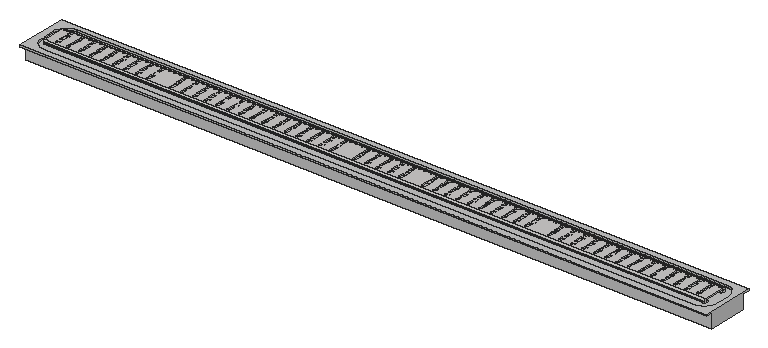
Revit family "Drain-Linear_Wave_Noble_FreeStyle", category Plumbing Fixtures, host Face, Revit 2016
Family settings
  Host = Face
  Part Type = Normal
  Round Connector Dimension = Use Diameter
  OmniClass Number = 23.45.55.21
  OmniClass Title = Drains (Wastes)
  Cut with Voids When Loaded = No
  Shared = No
  Room Calculation Point = No
Parameters (values of type "60in PVC")
  Weight = "10 lbs"
  URL = "www.noblecompany.com"
  Type Comments = ""
  Product Properties = "http://www.noblecompany.com/Portals/0/PRODUCT%20INFO/Product%20Descriptions/FreeStyle%20Linear%20Drain%20Product%20Decription%200410.pdf"
  Product Data = "http://www.noblecompany.com/Products/ShowerProducts/tabid/59/Default.aspx"
  Plate = Stainless Steel - Brushed
  Model = "Freestyle 60 PVC - Wave"
  Manufacturer Phone - Toll Free = "800-878-5788"
  Manufacturer Phone = "231-799-8000"
  Manufacturer Fax = "231-799-8850"
  Manufacturer Email = "mailto:sales@noblecompany.com"
  Manufacturer Address = "7300 Enterprise Drive, Spring Lake, MI  49456 USA"
  Manufacturer = "Noble Company"
  Installation-Fabrication = "http://www.noblecompany.com/Portals/0/PRODUCT%20INFO/Product%20Descriptions/FreeStyle%20Linear%20Drain%20Product%20Decription%200410.pdf"
  GPM = 0 GPM
  Description = "Freestyle 60 PVC - Wave Linear Drain"
  Building Codes = "http://www.noblecompany.com/Portals/0/TECHNICAL%20INFO/Listing_Testing_Certification_Reports/PMG-1065%20Noble%20Company%20Linear%20Drain%20final%202.pdf"
  Base = PVC
  B = 57 3/4"
  Assembly Code = "D2030300"
  A = 60"
  Default Elevation = 0"
  D = 1 5/8"
  C = 33 3/4"
Types (14): name | Model | Description | Base | B | A | D | C
  24in ABS | "Freestyle 24 ABS - Wave" | "Freestyle 24 ABS - Wave Linear Drain" | ABS | 21 3/4" | 24" | 1 1/4" | 15 3/4"
  32in ABS | "Freestyle 32 ABS - Wave" | "Freestyle 32 ABS - Wave Linear Drain" | ABS | 29 3/4" | 32" | 1 3/8" | 19 1/2"
  36in ABS | "Freestyle 36 ABS - Wave" | "Freestyle 36 ABS - Wave Linear Drain" | ABS | 33 3/4" | 36" | 1 3/8" | 21 3/4"
  40in ABS | "Freestyle 40 ABS - Wave" | "Freestyle 40 ABS - Wave Linear Drain" | ABS | 37 3/4" | 40" | 1 7/16" | 23 3/4"
  48in ABS | "Freestyle 48 ABS - Wave" | "Freestyle 48 ABS - Wave Linear Drain" | ABS | 45 3/4" | 48" | 1 1/2" | 27 3/4"
  54in ABS | "Freestyle 54 ABS - Wave" | "Freestyle 54 ABS - Wave Linear Drain" | ABS | 51 3/4" | 54" | 1 9/16" | 30 3/4"
  60in ABS | "Freestyle 60 ABS - Wave" | "Freestyle 60 ABS - Wave Linear Drain" | ABS | 57 3/4" | 60" | 1 5/8" | 33 3/4"
  24in PVC | "Freestyle 24 PVC - Wave" | "Freestyle 24 PVC - Wave Linear Drain" | PVC | 21 3/4" | 24" | 1 1/4" | 15 3/4"
  32in PVC | "Freestyle 32 PVC - Wave" | "Freestyle 32 PVC - Wave Linear Drain" | PVC | 29 3/4" | 32" | 1 3/8" | 19 1/2"
  36in PVC | "Freestyle 36 PVC - Wave" | "Freestyle 36 PVC - Wave Linear Drain" | PVC | 33 3/4" | 36" | 1 3/8" | 21 3/4"
  40in PVC | "Freestyle 40 PVC - Wave" | "Freestyle 40 PVC - Wave Linear Drain" | PVC | 37 3/4" | 40" | 1 7/16" | 23 3/4"
  48in PVC | "Freestyle 48 PVC - Wave" | "Freestyle 48 PVC - Wave Linear Drain" | PVC | 45 3/4" | 48" | 1 1/2" | 27 3/4"
  54in PVC | "Freestyle 54 PVC - Wave" | "Freestyle 54 PVC - Wave Linear Drain" | PVC | 51 3/4" | 54" | 1 9/16" | 30 3/4"
  60in PVC | "Freestyle 60 PVC - Wave" | "Freestyle 60 PVC - Wave Linear Drain" | PVC | 57 3/4" | 60" | 1 5/8" | 33 3/4"
Reference planes (in)
  plane 1 "Center (Front/Back)": y = 0
  plane 2: z = 0
  plane 3 "Center (Left/Right)": x = 0
  plane 4: z = -1.625
  plane 5: z = -4.05899
  plane 6: z = -1.625
  plane 7: y = 1.6875
  plane 8: y = -1.6875
  plane 9: z = -0.375
  plane 10: y = 2.25
  plane 11: y = -2.25
  plane 12: z = -0.3125
  plane 13: x = 30
  plane 14: x = -30
  plane 15: x = 28.875
  plane 16: x = -3.75
  plane 17: x = -28.875
  plane 18: z = -0.125
Forms (in)
  Extrusion 1, void, detail levels medium+fine
    sketch origin (0, 0, 0) x (1, 0, 0) y (0, 1, 0)
      loop
        circle (-3.75, 0) r 1
    from -60 to 34.55449
  Extrusion 2, solid, material "PVC" <- "Base", detail levels medium+fine
    sketch origin (10.05986, 0, 0) x (0, 1, 0) y (0, 0, 1)
      loop
        line (2.25, -0.375) -> (2.25, -0.25) -> (-2.25, -0.25) -> (-2.25, -0.375) -> (-1.6875, -0.375) -> (-1.6875, -1.625) -> (1.6875, -1.625) -> (1.6875, -0.375) -> (2.25, -0.375)
    from -40.05986 to 19.94014
  Extrusion 3, void
    sketch origin (10.05986, 0, 0) x (1, 0, 0) y (0, 1, 0)
      loop
        arc (-38.37906, 1.769) -> (-39.18512, 1.43512) -> (-39.519, 0.62906) r 1.13994
        line (-39.519, 0.62906) -> (-39.519, -0.63005)
        arc (-39.519, -0.63005) -> (-39.18541, -1.43541) -> (-38.38005, -1.769) r 1.13895
        line (-38.38005, -1.769) -> (18.37931, -1.769)
        arc (18.37931, -1.769) -> (19.18519, -1.43519) -> (19.519, -0.62931) r 1.13969
        line (19.519, -0.62931) -> (19.519, 0.62118)
        arc (19.519, 0.62118) -> (19.18281, 1.43281) -> (18.37118, 1.769) r 1.14782
        line (18.37118, 1.769) -> (-38.37906, 1.769)
    from -0.375 to 0
  Extrusion 4, void
    sketch origin (0, 0, 0) x (1, 0, 0) y (0, 1, 0)
      loop
        line (29, 1.269) -> (-29, 1.269) -> (-29, -1.269) -> (29, -1.269) -> (29, 1.269)
    from -0.125 to 0
  Extrusion 5, void, detail levels fine
    sketch origin (0, 0, 0) x (0, 1, 0) y (0, 0, 1)
      loop
        line (2.25, -0.375) -> (2.25, -0.125) -> (-2.25, -0.125) -> (-2.25, -0.375) -> (-1.6875, -0.375) -> (-1.6875, -1.625) -> (1.6875, -1.625) -> (1.6875, -0.375) -> (2.25, -0.375)
    from -30 to 30
Cuts and joins
  Extrusion 1, Extrusion 3 cuts Extrusion 2
Lines and regions (in)
  model lines, detail levels coarse+medium
    curve 1: line (-3.75, 0, 0) -> (-3.75, 0, -1.625)
  model lines, style "PlumbingFixtures", detail levels coarse
    curve 2: line (-30, 2.25, 0) -> (-30, -2.25, 0)
    curve 3: line (-30, 2.25, 0) -> (30, 2.25, 0)
    curve 4: line (30, 2.25, 0) -> (30, -2.25, 0)
    curve 5: line (-30, -2.25, 0) -> (30, -2.25, 0)
    curve 6: line (30, 0, 0) -> (-30, 0, 0)
Dimensions and locks (in)
  "D": plane 2 to plane 4
  locked: plane 4 to plane 5 at 2.43399
  "D": plane 6 to level
  equal spacing: plane 7, plane 1 "Center (Front/Back)", plane 8, locked at 1.6875 each
  locked: plane 9 to level at 0.375
  plane 7 to plane 8 = 3 3/8"
  locked: plane 10 to plane 7 at 0.5625
  locked: plane 8 to plane 11 at 0.5625
  "A": plane 14 to plane 13
  locked: plane 15 to plane 13 at 1.125
  "C": plane 16 to plane 13
  locked: plane 14 to plane 17 at 1.125
  locked: Extrusion 3 sketch curve to plane 13 at 0.42114
  locked: plane 14 to Extrusion 3 sketch curve at 0.54086
  equal spacing: plane 14, plane 3 "Center (Left/Right)", plane 13
  locked: plane 9 to plane 12 at 0.0625
  locked: level to plane 18 at 0.125
  level to Extrusion 2 sketch curve = 1/4"
  locked: plane 15 to Extrusion 4 sketch curve at 0.125
  locked: Extrusion 4 sketch curve to plane 17 at 0.125
  radius of Extrusion 1 sketch curve = 1"
  aligned and locked: plane 2 to host face
  aligned and locked: level to host face
  aligned and locked: plane 1 "Center (Front/Back)" to Extrusion 1 sketch curve
  aligned and locked: plane 13 to Extrusion 2
  aligned and locked: plane 16 to Extrusion 1 sketch curve
  aligned and locked: plane 10 to Extrusion 5 sketch curve
  aligned and locked: plane 9 to Extrusion 5 sketch curve
  aligned and locked: plane 7 to Extrusion 5 sketch curve
  aligned and locked: plane 4 to Extrusion 5 sketch curve
  aligned and locked: plane 11 to Extrusion 5 sketch curve
  aligned and locked: Extrusion 5 sketch curve to plane 8
  aligned and locked: Extrusion 5 to plane 14
  aligned and locked: plane 13 to Extrusion 5
  aligned and locked: curve 6 to plane 1 "Center (Front/Back)"
  aligned and locked: plane 14 to curve 6
  aligned and locked: plane 13 to curve 6
  aligned and locked: curve 1 to plane 16
  aligned and locked: level to curve 1
  aligned and locked: plane 6 to curve 1
  aligned and locked: Extrusion 2 to plane 14
  aligned and locked: plane 3 "Center (Left/Right)" to nested 1
  aligned and locked: plane 1 "Center (Front/Back)" to nested 1
  aligned and locked: plane 12 to nested 1
  aligned and locked: plane 9 to Extrusion 3
  aligned and locked: Extrusion 4 to plane 18
  aligned and locked: level to Extrusion 4
Automatic sketch dimensions
  host sketch curve to host sketch curve = 48 1/4"
  host sketch curve to host sketch curve = 96"
  plane 9 to Extrusion 2 sketch curve = 0"  (x2)
  Extrusion 2 sketch curve to plane 11 = 0"
  Extrusion 2 sketch curve to plane 4 = 0"
  Extrusion 2 sketch curve to plane 8 = 0"
  Extrusion 2 sketch curve to plane 7 = 0"
  Extrusion 2 sketch curve to plane 10 = 0"
  Extrusion 3 sketch curve to plane 8 = 0.0815"
  plane 17 to Extrusion 3 sketch curve = 0.55481"
  Extrusion 3 sketch curve to plane 7 = 0.0815"
  plane 17 to Extrusion 3 sketch curve = 0.5558"
  Extrusion 3 sketch curve to plane 15 = 0.44396"
  Extrusion 3 sketch curve to plane 15 = 0.43583"
  curve 2 to plane 10 = 0"
  curve 5 to plane 11 = 0"
  plane 9 to Extrusion 5 sketch curve = 0"
  Extrusion 5 sketch curve to plane 18 = 0"
  plane 8 to Extrusion 4 sketch curve = 0.4185"
  plane 7 to Extrusion 4 sketch curve = 0.4185"
Nested families (in)
  nested 1: "Strainer_Wave" at (-12.24848, 0, -0.3125), type "24"", detail levels fine
    with Strainer Length 57 3/4"
Connectors (in)
  piping at (-3.75, 0, -1.625), diameter 2, driven by "GPM"
    settings: on cut or joined group of Extrusion 1, Extrusion 2, Extrusion 3, index 1, connector inside diameter 2", connector length 0", flow factor 0, pipe flow 0 GPM, pressure drop 0.00 psi, fitting loss kfactor 0, connector angle 0.00°, fixture units 0, engagement length 0", angle of deflection 0.00°, flow configuration 0, flow direction 2, fitting loss method 0, system type 16, joint type 0, gender type 0, connector reference index -1, connector utility 0, adjustable connector no, is connector primary yes, connector description ""
Definition of nested family "Strainer_Wave"
  Parameters
    Strainer Width = 2 1/4"
    Strainer Height = 5/16"
    Strainer Length = 45 3/4"
    Strainer Finish = none
  Reference planes (in)
    plane 1 "Center (Front/Back)": y = 0
    plane 2: z = 0
    plane 3 "Center (Left/Right)": x = 12.24848
    plane 4 "Left": x = -10.62652
    plane 5 "Right": x = 35.12348
    plane 6: y = 1.125
    plane 7: y = -1.125
    plane 8: x = 42.24848
    plane 9: x = -17.75152
    plane 10: z = 0.3125
  Forms (in)
    Extrusion 1, void
      sketch origin (12.24848, 0, 0) x (0, 1, 0) y (0, 0, 1)
        loop
          line (1.1245, 0.3125) -> (0.9995, 0.3125)
          arc (0.9995, 0.3125) -> (1.08789, 0.27589) -> (1.1245, 0.1875) r 0.125
          line (1.1245, 0.1875) -> (1.1245, 0.3125)
        loop
          line (-1.1245, 0.3125) -> (-1.1245, 0.1875)
          arc (-1.1245, 0.1875) -> (-1.08789, 0.27589) -> (-0.9995, 0.3125) r 0.125
          line (-0.9995, 0.3125) -> (-1.1245, 0.3125)
        loop
          line (1.1245, 0) -> (1.1245, 0.125)
          arc (1.1245, 0.125) -> (1.08789, 0.03661) -> (0.9995, 0) r 0.125
          line (0.9995, 0) -> (1.1245, 0)
        loop
          line (-1.1245, 0) -> (-0.9995, 0)
          arc (-0.9995, 0) -> (-1.08789, 0.03661) -> (-1.1245, 0.125) r 0.125
          line (-1.1245, 0.125) -> (-1.1245, 0)
        loop
          line (-0.75, 0) -> (0.75, 0) -> (0.75, 0.0625) -> (0.9995, 0.0625)
          arc (0.9995, 0.0625) -> (1.06302, 0.15625) -> (0.9995, 0.25) r 0.10095
          line (0.9995, 0.25) -> (-0.9995, 0.25)
          arc (-0.9995, 0.25) -> (-1.06302, 0.15625) -> (-0.9995, 0.0625) r 0.10095
          line (-0.9995, 0.0625) -> (-0.75, 0.0625) -> (-0.75, 0)
      from -30 to 30
    Extrusion 2, void
      sketch origin (0, 0, 0) x (1, 0, 0) y (0, 1, 0)
        loop
          line (-17.75152, 1.25) -> (-17.75152, -1.25) -> (-10.62652, -1.25) -> (-10.62652, 1.25) -> (-17.75152, 1.25)
        loop
          line (35.12348, 1.25) -> (35.12348, -1.25) -> (42.24848, -1.25) -> (42.24848, 1.25) -> (35.12348, 1.25)
      from 0 to 0.3125
    Extrusion 3, solid, material <- "Strainer Finish", detail levels medium+fine
      sketch origin (0, 0, 0) x (1, 0, 0) y (0, 1, 0)
        loop
          line (-16.62652, 1.1245) -> (-16.62652, -1.1245) -> (41.12348, -1.1245) -> (41.12348, 1.1245) -> (-16.62652, 1.1245)
        loop
          line (-13.61152, -0.13547) -> (-13.61152, 0.2565) -> (-13.89152, 0.30808) -> (-13.89152, -0.18704) -> (-13.61152, -0.13547)
        loop
          line (-14.61152, -0.28503) -> (-14.61152, 0.40552) -> (-14.89152, 0.4255) -> (-14.89152, -0.30501) -> (-14.61152, -0.28503)
        loop
          line (-15.61152, -0.30506) -> (-15.61152, 0.42609) -> (-15.89152, 0.40611) -> (-15.89152, -0.28508) -> (-15.61152, -0.30506)
        loop
          line (-11.61152, 0.13847) -> (-11.89704, 0.06052) -> (-11.61152, -0.01744) -> (-11.61152, 0.13847)
        loop
          line (-12.89152, 0.13847) -> (-12.89152, -0.01744) -> (-12.606, 0.06052) -> (-12.89152, 0.13847)
        loop
          line (-15.89152, 0.65709) -> (-15.61152, 0.67707) -> (-15.61152, 0.81052)
          arc (-15.61152, 0.81052) -> (-15.75152, 0.95052) -> (-15.89152, 0.81052) r 0.14
          line (-15.89152, 0.81052) -> (-15.89152, 0.65709)
        loop
          line (-14.89152, 0.67639) -> (-14.61152, 0.65641) -> (-14.61152, 0.81052)
          arc (-14.61152, 0.81052) -> (-14.75152, 0.95052) -> (-14.89152, 0.81052) r 0.14
          line (-14.89152, 0.81052) -> (-14.89152, 0.67639)
        loop
          line (-13.89152, 0.5617) -> (-13.61152, 0.51012) -> (-13.61152, 0.81052)
          arc (-13.61152, 0.81052) -> (-13.75152, 0.95052) -> (-13.89152, 0.81052) r 0.14
          line (-13.89152, 0.81052) -> (-13.89152, 0.5617)
        loop
          arc (-12.61152, 0.81052) -> (-12.75152, 0.95052) -> (-12.89152, 0.81052) r 0.14
          line (-12.89152, 0.81052) -> (-12.89152, 0.36578) -> (-12.61152, 0.28933) -> (-12.61152, 0.81052)
        loop
          line (-15.89152, -0.53606) -> (-15.89152, -0.68948)
          arc (-15.89152, -0.68948) -> (-15.75152, -0.82948) -> (-15.61152, -0.68948) r 0.14
          line (-15.61152, -0.68948) -> (-15.61152, -0.55604) -> (-15.89152, -0.53606)
        loop
          line (-14.89152, -0.55535) -> (-14.89152, -0.68948)
          arc (-14.89152, -0.68948) -> (-14.75152, -0.82948) -> (-14.61152, -0.68948) r 0.14
          line (-14.61152, -0.68948) -> (-14.61152, -0.53538) -> (-14.89152, -0.55535)
        loop
          line (-13.89152, -0.44067) -> (-13.89152, -0.68948)
          arc (-13.89152, -0.68948) -> (-13.75152, -0.82948) -> (-13.61152, -0.68948) r 0.14
          line (-13.61152, -0.68948) -> (-13.61152, -0.38909) -> (-13.89152, -0.44067)
        loop
          line (-12.61152, -0.68948) -> (-12.61152, -0.1683) -> (-12.89152, -0.24475) -> (-12.89152, -0.68948)
          arc (-12.89152, -0.68948) -> (-12.75152, -0.82948) -> (-12.61152, -0.68948) r 0.14
        loop
          arc (-11.61152, 0.81052) -> (-11.75152, 0.95052) -> (-11.89152, 0.81052) r 0.14
          line (-11.89152, 0.81052) -> (-11.89152, 0.26879) -> (-11.61152, 0.34524) -> (-11.61152, 0.81052)
        loop
          line (-11.61152, -0.68948) -> (-11.61152, -0.22825) -> (-11.89152, -0.1518) -> (-11.89152, -0.68948)
          arc (-11.89152, -0.68948) -> (-11.75152, -0.82948) -> (-11.61152, -0.68948) r 0.14
        loop
          line (-8.61152, -0.17208) -> (-8.61152, 0.29086) -> (-8.89152, 0.34244) -> (-8.89152, -0.22366) -> (-8.61152, -0.17208)
        loop
          line (-7.89152, 0.13847) -> (-7.89152, -0.01744) -> (-7.606, 0.06052) -> (-7.89152, 0.13847)
        loop
          line (-8.89152, 0.59665) -> (-8.61152, 0.54507) -> (-8.61152, 0.81052)
          arc (-8.61152, 0.81052) -> (-8.75152, 0.95052) -> (-8.89152, 0.81052) r 0.14
          line (-8.89152, 0.81052) -> (-8.89152, 0.59665)
        loop
          arc (-7.61152, 0.81052) -> (-7.75152, 0.95052) -> (-7.89152, 0.81052) r 0.14
          line (-7.89152, 0.81052) -> (-7.89152, 0.39762) -> (-7.61152, 0.32117) -> (-7.61152, 0.81052)
        loop
          line (-8.89152, -0.47786) -> (-8.89152, -0.68948)
          arc (-8.89152, -0.68948) -> (-8.75152, -0.82948) -> (-8.61152, -0.68948) r 0.14
          line (-8.61152, -0.68948) -> (-8.61152, -0.42628) -> (-8.89152, -0.47786)
        loop
          line (-7.61152, -0.68948) -> (-7.61152, -0.20014) -> (-7.89152, -0.27659) -> (-7.89152, -0.68948)
          arc (-7.89152, -0.68948) -> (-7.75152, -0.82948) -> (-7.61152, -0.68948) r 0.14
        loop
          line (-10.89664, -0.13547) -> (-10.61664, -0.18704) -> (-10.61664, 0.30808) -> (-10.89664, 0.2565) -> (-10.89664, -0.13547)
        loop
          line (-10.61664, 0.5617) -> (-10.61664, 0.81052)
          arc (-10.61664, 0.81052) -> (-10.75664, 0.95052) -> (-10.89664, 0.81052) r 0.14
          line (-10.89664, 0.81052) -> (-10.89664, 0.51012) -> (-10.61664, 0.5617)
        loop
          line (-10.61664, -0.44067) -> (-10.89664, -0.38909) -> (-10.89664, -0.68948)
          arc (-10.89664, -0.68948) -> (-10.75664, -0.82948) -> (-10.61664, -0.68948) r 0.14
          line (-10.61664, -0.68948) -> (-10.61664, -0.44067)
        loop
          line (-9.61152, -0.30501) -> (-9.61152, 0.4255) -> (-9.89152, 0.4255) -> (-9.89152, -0.30501) -> (-9.61152, -0.30501)
        loop
          line (-9.89152, 0.67639) -> (-9.61152, 0.65641) -> (-9.61152, 0.81052)
          arc (-9.61152, 0.81052) -> (-9.75152, 0.95052) -> (-9.89152, 0.81052) r 0.14
          line (-9.89152, 0.81052) -> (-9.89152, 0.67639)
        loop
          line (-9.89152, -0.55535) -> (-9.89152, -0.68948)
          arc (-9.89152, -0.68948) -> (-9.75152, -0.82948) -> (-9.61152, -0.68948) r 0.14
          line (-9.61152, -0.68948) -> (-9.61152, -0.55535) -> (-9.89152, -0.55535)
        loop
          line (-5.61152, 0.13847) -> (-5.89704, 0.06052) -> (-5.61152, -0.01744) -> (-5.61152, 0.13847)
        loop
          arc (-5.61152, 0.81052) -> (-5.75152, 0.95052) -> (-5.89152, 0.81052) r 0.14
          line (-5.89152, 0.81052) -> (-5.89152, 0.26879) -> (-5.61152, 0.34524) -> (-5.61152, 0.81052)
        loop
          line (-5.61152, -0.68948) -> (-5.61152, -0.22825) -> (-5.89152, -0.1518) -> (-5.89152, -0.68948)
          arc (-5.89152, -0.68948) -> (-5.75152, -0.82948) -> (-5.61152, -0.68948) r 0.14
        loop
          line (-2.61152, -0.17208) -> (-2.61152, 0.29086) -> (-2.89152, 0.34244) -> (-2.89152, -0.22366) -> (-2.61152, -0.17208)
        loop
          line (-1.89152, 0.13847) -> (-1.89152, -0.01744) -> (-1.606, 0.06052) -> (-1.89152, 0.13847)
        loop
          line (-2.89152, 0.59665) -> (-2.61152, 0.54507) -> (-2.61152, 0.81052)
          arc (-2.61152, 0.81052) -> (-2.75152, 0.95052) -> (-2.89152, 0.81052) r 0.14
          line (-2.89152, 0.81052) -> (-2.89152, 0.59665)
        loop
          arc (-1.61152, 0.81052) -> (-1.75152, 0.95052) -> (-1.89152, 0.81052) r 0.14
          line (-1.89152, 0.81052) -> (-1.89152, 0.39762) -> (-1.61152, 0.32117) -> (-1.61152, 0.81052)
        loop
          line (-2.89152, -0.47786) -> (-2.89152, -0.68948)
          arc (-2.89152, -0.68948) -> (-2.75152, -0.82948) -> (-2.61152, -0.68948) r 0.14
          line (-2.61152, -0.68948) -> (-2.61152, -0.42628) -> (-2.89152, -0.47786)
        loop
          line (-1.61152, -0.68948) -> (-1.61152, -0.20014) -> (-1.89152, -0.27659) -> (-1.89152, -0.68948)
          arc (-1.89152, -0.68948) -> (-1.75152, -0.82948) -> (-1.61152, -0.68948) r 0.14
        loop
          line (-4.89664, -0.13547) -> (-4.61664, -0.18704) -> (-4.61664, 0.30808) -> (-4.89664, 0.2565) -> (-4.89664, -0.13547)
        loop
          line (-4.61664, 0.5617) -> (-4.61664, 0.81052)
          arc (-4.61664, 0.81052) -> (-4.75664, 0.95052) -> (-4.89664, 0.81052) r 0.14
          line (-4.89664, 0.81052) -> (-4.89664, 0.51012) -> (-4.61664, 0.5617)
        loop
          line (-4.61664, -0.44067) -> (-4.89664, -0.38909) -> (-4.89664, -0.68948)
          arc (-4.89664, -0.68948) -> (-4.75664, -0.82948) -> (-4.61664, -0.68948) r 0.14
          line (-4.61664, -0.68948) -> (-4.61664, -0.44067)
        loop
          line (-3.61152, -0.30501) -> (-3.61152, 0.4255) -> (-3.89152, 0.4255) -> (-3.89152, -0.30501) -> (-3.61152, -0.30501)
        loop
          line (-3.89152, 0.67639) -> (-3.61152, 0.65641) -> (-3.61152, 0.81052)
          arc (-3.61152, 0.81052) -> (-3.75152, 0.95052) -> (-3.89152, 0.81052) r 0.14
          line (-3.89152, 0.81052) -> (-3.89152, 0.67639)
        loop
          line (-3.89152, -0.55535) -> (-3.89152, -0.68948)
          arc (-3.89152, -0.68948) -> (-3.75152, -0.82948) -> (-3.61152, -0.68948) r 0.14
          line (-3.61152, -0.68948) -> (-3.61152, -0.55535) -> (-3.89152, -0.55535)
        loop
          line (-0.61152, 0.13847) -> (-0.89704, 0.06052) -> (-0.61152, -0.01744) -> (-0.61152, 0.13847)
        loop
          arc (-0.61152, 0.81052) -> (-0.75152, 0.95052) -> (-0.89152, 0.81052) r 0.14
          line (-0.89152, 0.81052) -> (-0.89152, 0.26879) -> (-0.61152, 0.34524) -> (-0.61152, 0.81052)
        loop
          line (-0.61152, -0.68948) -> (-0.61152, -0.22825) -> (-0.89152, -0.1518) -> (-0.89152, -0.68948)
          arc (-0.89152, -0.68948) -> (-0.75152, -0.82948) -> (-0.61152, -0.68948) r 0.14
        loop
          line (2.38848, -0.17208) -> (2.38848, 0.29086) -> (2.10848, 0.34244) -> (2.10848, -0.22366) -> (2.38848, -0.17208)
        loop
          line (3.10848, 0.13847) -> (3.10848, -0.01744) -> (3.394, 0.06052) -> (3.10848, 0.13847)
        loop
          line (2.10848, 0.59665) -> (2.38848, 0.54507) -> (2.38848, 0.81052)
          arc (2.38848, 0.81052) -> (2.24848, 0.95052) -> (2.10848, 0.81052) r 0.14
          line (2.10848, 0.81052) -> (2.10848, 0.59665)
        loop
          arc (3.38848, 0.81052) -> (3.24848, 0.95052) -> (3.10848, 0.81052) r 0.14
          line (3.10848, 0.81052) -> (3.10848, 0.39762) -> (3.38848, 0.32117) -> (3.38848, 0.81052)
        loop
          line (2.10848, -0.47786) -> (2.10848, -0.68948)
          arc (2.10848, -0.68948) -> (2.24848, -0.82948) -> (2.38848, -0.68948) r 0.14
          line (2.38848, -0.68948) -> (2.38848, -0.42628) -> (2.10848, -0.47786)
        loop
          line (3.38848, -0.68948) -> (3.38848, -0.20014) -> (3.10848, -0.27659) -> (3.10848, -0.68948)
          arc (3.10848, -0.68948) -> (3.24848, -0.82948) -> (3.38848, -0.68948) r 0.14
        loop
          line (0.10336, -0.13547) -> (0.38336, -0.18704) -> (0.38336, 0.30808) -> (0.10336, 0.2565) -> (0.10336, -0.13547)
        loop
          line (0.38336, 0.5617) -> (0.38336, 0.81052)
          arc (0.38336, 0.81052) -> (0.24336, 0.95052) -> (0.10336, 0.81052) r 0.14
          line (0.10336, 0.81052) -> (0.10336, 0.51012) -> (0.38336, 0.5617)
        loop
          line (0.38336, -0.44067) -> (0.10336, -0.38909) -> (0.10336, -0.68948)
          arc (0.10336, -0.68948) -> (0.24336, -0.82948) -> (0.38336, -0.68948) r 0.14
          line (0.38336, -0.68948) -> (0.38336, -0.44067)
        loop
          line (1.38848, -0.30501) -> (1.38848, 0.4255) -> (1.10848, 0.4255) -> (1.10848, -0.30501) -> (1.38848, -0.30501)
        loop
          line (1.10848, 0.67639) -> (1.38848, 0.65641) -> (1.38848, 0.81052)
          arc (1.38848, 0.81052) -> (1.24848, 0.95052) -> (1.10848, 0.81052) r 0.14
          line (1.10848, 0.81052) -> (1.10848, 0.67639)
        loop
          line (1.10848, -0.55535) -> (1.10848, -0.68948)
          arc (1.10848, -0.68948) -> (1.24848, -0.82948) -> (1.38848, -0.68948) r 0.14
          line (1.38848, -0.68948) -> (1.38848, -0.55535) -> (1.10848, -0.55535)
        loop
          line (4.38848, 0.13847) -> (4.10296, 0.06052) -> (4.38848, -0.01744) -> (4.38848, 0.13847)
        loop
          arc (4.38848, 0.81052) -> (4.24848, 0.95052) -> (4.10848, 0.81052) r 0.14
          line (4.10848, 0.81052) -> (4.10848, 0.26879) -> (4.38848, 0.34524) -> (4.38848, 0.81052)
        loop
          line (4.38848, -0.68948) -> (4.38848, -0.22825) -> (4.10848, -0.1518) -> (4.10848, -0.68948)
          arc (4.10848, -0.68948) -> (4.24848, -0.82948) -> (4.38848, -0.68948) r 0.14
        loop
          line (7.38848, -0.17208) -> (7.38848, 0.29086) -> (7.10848, 0.34244) -> (7.10848, -0.22366) -> (7.38848, -0.17208)
        loop
          line (8.10848, 0.13847) -> (8.10848, -0.01744) -> (8.394, 0.06052) -> (8.10848, 0.13847)
        loop
          line (7.10848, 0.59665) -> (7.38848, 0.54507) -> (7.38848, 0.81052)
          arc (7.38848, 0.81052) -> (7.24848, 0.95052) -> (7.10848, 0.81052) r 0.14
          line (7.10848, 0.81052) -> (7.10848, 0.59665)
        loop
          arc (8.38848, 0.81052) -> (8.24848, 0.95052) -> (8.10848, 0.81052) r 0.14
          line (8.10848, 0.81052) -> (8.10848, 0.39762) -> (8.38848, 0.32117) -> (8.38848, 0.81052)
        loop
          line (7.10848, -0.47786) -> (7.10848, -0.68948)
          arc (7.10848, -0.68948) -> (7.24848, -0.82948) -> (7.38848, -0.68948) r 0.14
          line (7.38848, -0.68948) -> (7.38848, -0.42628) -> (7.10848, -0.47786)
        loop
          line (8.38848, -0.68948) -> (8.38848, -0.20014) -> (8.10848, -0.27659) -> (8.10848, -0.68948)
          arc (8.10848, -0.68948) -> (8.24848, -0.82948) -> (8.38848, -0.68948) r 0.14
        loop
          line (5.10336, -0.13547) -> (5.38336, -0.18704) -> (5.38336, 0.30808) -> (5.10336, 0.2565) -> (5.10336, -0.13547)
        loop
          line (5.38336, 0.5617) -> (5.38336, 0.81052)
          arc (5.38336, 0.81052) -> (5.24336, 0.95052) -> (5.10336, 0.81052) r 0.14
          line (5.10336, 0.81052) -> (5.10336, 0.51012) -> (5.38336, 0.5617)
        loop
          line (5.38336, -0.44067) -> (5.10336, -0.38909) -> (5.10336, -0.68948)
          arc (5.10336, -0.68948) -> (5.24336, -0.82948) -> (5.38336, -0.68948) r 0.14
          line (5.38336, -0.68948) -> (5.38336, -0.44067)
        loop
          line (6.38848, -0.30501) -> (6.38848, 0.4255) -> (6.10848, 0.4255) -> (6.10848, -0.30501) -> (6.38848, -0.30501)
        loop
          line (6.10848, 0.67639) -> (6.38848, 0.65641) -> (6.38848, 0.81052)
          arc (6.38848, 0.81052) -> (6.24848, 0.95052) -> (6.10848, 0.81052) r 0.14
          line (6.10848, 0.81052) -> (6.10848, 0.67639)
        loop
          line (6.10848, -0.55535) -> (6.10848, -0.68948)
          arc (6.10848, -0.68948) -> (6.24848, -0.82948) -> (6.38848, -0.68948) r 0.14
          line (6.38848, -0.68948) -> (6.38848, -0.55535) -> (6.10848, -0.55535)
        loop
          line (10.38848, 0.13847) -> (10.10296, 0.06052) -> (10.38848, -0.01744) -> (10.38848, 0.13847)
        loop
          arc (10.38848, 0.81052) -> (10.24848, 0.95052) -> (10.10848, 0.81052) r 0.14
          line (10.10848, 0.81052) -> (10.10848, 0.26879) -> (10.38848, 0.34524) -> (10.38848, 0.81052)
        loop
          line (10.38848, -0.68948) -> (10.38848, -0.22825) -> (10.10848, -0.1518) -> (10.10848, -0.68948)
          arc (10.10848, -0.68948) -> (10.24848, -0.82948) -> (10.38848, -0.68948) r 0.14
        loop
          line (13.38848, -0.17208) -> (13.38848, 0.29086) -> (13.10848, 0.34244) -> (13.10848, -0.22366) -> (13.38848, -0.17208)
        loop
          line (14.10848, 0.13847) -> (14.10848, -0.01744) -> (14.394, 0.06052) -> (14.10848, 0.13847)
        loop
          line (13.10848, 0.59665) -> (13.38848, 0.54507) -> (13.38848, 0.81052)
          arc (13.38848, 0.81052) -> (13.24848, 0.95052) -> (13.10848, 0.81052) r 0.14
          line (13.10848, 0.81052) -> (13.10848, 0.59665)
        loop
          arc (14.38848, 0.81052) -> (14.24848, 0.95052) -> (14.10848, 0.81052) r 0.14
          line (14.10848, 0.81052) -> (14.10848, 0.39762) -> (14.38848, 0.32117) -> (14.38848, 0.81052)
        loop
          line (13.10848, -0.47786) -> (13.10848, -0.68948)
          arc (13.10848, -0.68948) -> (13.24848, -0.82948) -> (13.38848, -0.68948) r 0.14
          line (13.38848, -0.68948) -> (13.38848, -0.42628) -> (13.10848, -0.47786)
        loop
          line (14.38848, -0.68948) -> (14.38848, -0.20014) -> (14.10848, -0.27659) -> (14.10848, -0.68948)
          arc (14.10848, -0.68948) -> (14.24848, -0.82948) -> (14.38848, -0.68948) r 0.14
        loop
          line (11.10336, -0.13547) -> (11.38336, -0.18704) -> (11.38336, 0.30808) -> (11.10336, 0.2565) -> (11.10336, -0.13547)
        loop
          line (11.38336, 0.5617) -> (11.38336, 0.81052)
          arc (11.38336, 0.81052) -> (11.24336, 0.95052) -> (11.10336, 0.81052) r 0.14
          line (11.10336, 0.81052) -> (11.10336, 0.51012) -> (11.38336, 0.5617)
        loop
          line (11.38336, -0.44067) -> (11.10336, -0.38909) -> (11.10336, -0.68948)
          arc (11.10336, -0.68948) -> (11.24336, -0.82948) -> (11.38336, -0.68948) r 0.14
          line (11.38336, -0.68948) -> (11.38336, -0.44067)
        loop
          line (12.38848, -0.30501) -> (12.38848, 0.4255) -> (12.10848, 0.4255) -> (12.10848, -0.30501) -> (12.38848, -0.30501)
        loop
          line (12.10848, 0.67639) -> (12.38848, 0.65641) -> (12.38848, 0.81052)
          arc (12.38848, 0.81052) -> (12.24848, 0.95052) -> (12.10848, 0.81052) r 0.14
          line (12.10848, 0.81052) -> (12.10848, 0.67639)
        loop
          line (12.10848, -0.55535) -> (12.10848, -0.68948)
          arc (12.10848, -0.68948) -> (12.24848, -0.82948) -> (12.38848, -0.68948) r 0.14
          line (12.38848, -0.68948) -> (12.38848, -0.55535) -> (12.10848, -0.55535)
        loop
          line (16.38848, 0.13847) -> (16.10296, 0.06052) -> (16.38848, -0.01744) -> (16.38848, 0.13847)
        loop
          arc (16.38848, 0.81052) -> (16.24848, 0.95052) -> (16.10848, 0.81052) r 0.14
          line (16.10848, 0.81052) -> (16.10848, 0.26879) -> (16.38848, 0.34524) -> (16.38848, 0.81052)
        loop
          line (16.38848, -0.68948) -> (16.38848, -0.22825) -> (16.10848, -0.1518) -> (16.10848, -0.68948)
          arc (16.10848, -0.68948) -> (16.24848, -0.82948) -> (16.38848, -0.68948) r 0.14
        loop
          line (19.38848, -0.17208) -> (19.38848, 0.29086) -> (19.10848, 0.34244) -> (19.10848, -0.22366) -> (19.38848, -0.17208)
        loop
          line (20.10848, 0.13847) -> (20.10848, -0.01744) -> (20.394, 0.06052) -> (20.10848, 0.13847)
        loop
          line (19.10848, 0.59665) -> (19.38848, 0.54507) -> (19.38848, 0.81052)
          arc (19.38848, 0.81052) -> (19.24848, 0.95052) -> (19.10848, 0.81052) r 0.14
          line (19.10848, 0.81052) -> (19.10848, 0.59665)
        loop
          arc (20.38848, 0.81052) -> (20.24848, 0.95052) -> (20.10848, 0.81052) r 0.14
          line (20.10848, 0.81052) -> (20.10848, 0.39762) -> (20.38848, 0.32117) -> (20.38848, 0.81052)
        loop
          line (19.10848, -0.47786) -> (19.10848, -0.68948)
          arc (19.10848, -0.68948) -> (19.24848, -0.82948) -> (19.38848, -0.68948) r 0.14
          line (19.38848, -0.68948) -> (19.38848, -0.42628) -> (19.10848, -0.47786)
        loop
          line (20.38848, -0.68948) -> (20.38848, -0.20014) -> (20.10848, -0.27659) -> (20.10848, -0.68948)
          arc (20.10848, -0.68948) -> (20.24848, -0.82948) -> (20.38848, -0.68948) r 0.14
        loop
          line (17.10336, -0.13547) -> (17.38336, -0.18704) -> (17.38336, 0.30808) -> (17.10336, 0.2565) -> (17.10336, -0.13547)
        loop
          line (17.38336, 0.5617) -> (17.38336, 0.81052)
          arc (17.38336, 0.81052) -> (17.24336, 0.95052) -> (17.10336, 0.81052) r 0.14
          line (17.10336, 0.81052) -> (17.10336, 0.51012) -> (17.38336, 0.5617)
        loop
          line (17.38336, -0.44067) -> (17.10336, -0.38909) -> (17.10336, -0.68948)
          arc (17.10336, -0.68948) -> (17.24336, -0.82948) -> (17.38336, -0.68948) r 0.14
          line (17.38336, -0.68948) -> (17.38336, -0.44067)
        loop
          line (18.38848, -0.30501) -> (18.38848, 0.4255) -> (18.10848, 0.4255) -> (18.10848, -0.30501) -> (18.38848, -0.30501)
        loop
          line (18.10848, 0.67639) -> (18.38848, 0.65641) -> (18.38848, 0.81052)
          arc (18.38848, 0.81052) -> (18.24848, 0.95052) -> (18.10848, 0.81052) r 0.14
          line (18.10848, 0.81052) -> (18.10848, 0.67639)
        loop
          line (18.10848, -0.55535) -> (18.10848, -0.68948)
          arc (18.10848, -0.68948) -> (18.24848, -0.82948) -> (18.38848, -0.68948) r 0.14
          line (18.38848, -0.68948) -> (18.38848, -0.55535) -> (18.10848, -0.55535)
        loop
          line (21.38848, 0.13847) -> (21.10296, 0.06052) -> (21.38848, -0.01744) -> (21.38848, 0.13847)
        loop
          arc (21.38848, 0.81052) -> (21.24848, 0.95052) -> (21.10848, 0.81052) r 0.14
          line (21.10848, 0.81052) -> (21.10848, 0.26879) -> (21.38848, 0.34524) -> (21.38848, 0.81052)
        loop
          line (21.38848, -0.68948) -> (21.38848, -0.22825) -> (21.10848, -0.1518) -> (21.10848, -0.68948)
          arc (21.10848, -0.68948) -> (21.24848, -0.82948) -> (21.38848, -0.68948) r 0.14
        loop
          line (24.38848, -0.17208) -> (24.38848, 0.29086) -> (24.10848, 0.34244) -> (24.10848, -0.22366) -> (24.38848, -0.17208)
        loop
          line (25.10848, 0.13847) -> (25.10848, -0.01744) -> (25.394, 0.06052) -> (25.10848, 0.13847)
        loop
          line (24.10848, 0.59665) -> (24.38848, 0.54507) -> (24.38848, 0.81052)
          arc (24.38848, 0.81052) -> (24.24848, 0.95052) -> (24.10848, 0.81052) r 0.14
          line (24.10848, 0.81052) -> (24.10848, 0.59665)
        loop
          arc (25.38848, 0.81052) -> (25.24848, 0.95052) -> (25.10848, 0.81052) r 0.14
          line (25.10848, 0.81052) -> (25.10848, 0.39762) -> (25.38848, 0.32117) -> (25.38848, 0.81052)
        loop
          line (24.10848, -0.47786) -> (24.10848, -0.68948)
          arc (24.10848, -0.68948) -> (24.24848, -0.82948) -> (24.38848, -0.68948) r 0.14
          line (24.38848, -0.68948) -> (24.38848, -0.42628) -> (24.10848, -0.47786)
        loop
          line (25.38848, -0.68948) -> (25.38848, -0.20014) -> (25.10848, -0.27659) -> (25.10848, -0.68948)
          arc (25.10848, -0.68948) -> (25.24848, -0.82948) -> (25.38848, -0.68948) r 0.14
        loop
          line (22.10336, -0.13547) -> (22.38336, -0.18704) -> (22.38336, 0.30808) -> (22.10336, 0.2565) -> (22.10336, -0.13547)
        loop
          line (22.38336, 0.5617) -> (22.38336, 0.81052)
          arc (22.38336, 0.81052) -> (22.24336, 0.95052) -> (22.10336, 0.81052) r 0.14
          line (22.10336, 0.81052) -> (22.10336, 0.51012) -> (22.38336, 0.5617)
        loop
          line (22.38336, -0.44067) -> (22.10336, -0.38909) -> (22.10336, -0.68948)
          arc (22.10336, -0.68948) -> (22.24336, -0.82948) -> (22.38336, -0.68948) r 0.14
          line (22.38336, -0.68948) -> (22.38336, -0.44067)
        loop
          line (23.38848, -0.30501) -> (23.38848, 0.4255) -> (23.10848, 0.4255) -> (23.10848, -0.30501) -> (23.38848, -0.30501)
        loop
          line (23.10848, 0.67639) -> (23.38848, 0.65641) -> (23.38848, 0.81052)
          arc (23.38848, 0.81052) -> (23.24848, 0.95052) -> (23.10848, 0.81052) r 0.14
          line (23.10848, 0.81052) -> (23.10848, 0.67639)
        loop
          line (23.10848, -0.55535) -> (23.10848, -0.68948)
          arc (23.10848, -0.68948) -> (23.24848, -0.82948) -> (23.38848, -0.68948) r 0.14
          line (23.38848, -0.68948) -> (23.38848, -0.55535) -> (23.10848, -0.55535)
        loop
          line (27.38848, 0.13847) -> (27.10296, 0.06052) -> (27.38848, -0.01744) -> (27.38848, 0.13847)
        loop
          arc (27.38848, 0.81052) -> (27.24848, 0.95052) -> (27.10848, 0.81052) r 0.14
          line (27.10848, 0.81052) -> (27.10848, 0.26879) -> (27.38848, 0.34524) -> (27.38848, 0.81052)
        loop
          line (27.38848, -0.68948) -> (27.38848, -0.22825) -> (27.10848, -0.1518) -> (27.10848, -0.68948)
          arc (27.10848, -0.68948) -> (27.24848, -0.82948) -> (27.38848, -0.68948) r 0.14
        loop
          line (30.38848, -0.17208) -> (30.38848, 0.29086) -> (30.10848, 0.34244) -> (30.10848, -0.22366) -> (30.38848, -0.17208)
        loop
          line (31.10848, 0.13847) -> (31.10848, -0.01744) -> (31.394, 0.06052) -> (31.10848, 0.13847)
        loop
          line (30.10848, 0.59665) -> (30.38848, 0.54507) -> (30.38848, 0.81052)
          arc (30.38848, 0.81052) -> (30.24848, 0.95052) -> (30.10848, 0.81052) r 0.14
          line (30.10848, 0.81052) -> (30.10848, 0.59665)
        loop
          arc (31.38848, 0.81052) -> (31.24848, 0.95052) -> (31.10848, 0.81052) r 0.14
          line (31.10848, 0.81052) -> (31.10848, 0.39762) -> (31.38848, 0.32117) -> (31.38848, 0.81052)
        loop
          line (30.10848, -0.47786) -> (30.10848, -0.68948)
          arc (30.10848, -0.68948) -> (30.24848, -0.82948) -> (30.38848, -0.68948) r 0.14
          line (30.38848, -0.68948) -> (30.38848, -0.42628) -> (30.10848, -0.47786)
        loop
          line (31.38848, -0.68948) -> (31.38848, -0.20014) -> (31.10848, -0.27659) -> (31.10848, -0.68948)
          arc (31.10848, -0.68948) -> (31.24848, -0.82948) -> (31.38848, -0.68948) r 0.14
        loop
          line (28.10336, -0.13547) -> (28.38336, -0.18704) -> (28.38336, 0.30808) -> (28.10336, 0.2565) -> (28.10336, -0.13547)
        loop
          line (28.38336, 0.5617) -> (28.38336, 0.81052)
          arc (28.38336, 0.81052) -> (28.24336, 0.95052) -> (28.10336, 0.81052) r 0.14
          line (28.10336, 0.81052) -> (28.10336, 0.51012) -> (28.38336, 0.5617)
        loop
          line (28.38336, -0.44067) -> (28.10336, -0.38909) -> (28.10336, -0.68948)
          arc (28.10336, -0.68948) -> (28.24336, -0.82948) -> (28.38336, -0.68948) r 0.14
          line (28.38336, -0.68948) -> (28.38336, -0.44067)
        loop
          line (29.38848, -0.30501) -> (29.38848, 0.4255) -> (29.10848, 0.4255) -> (29.10848, -0.30501) -> (29.38848, -0.30501)
        loop
          line (29.10848, 0.67639) -> (29.38848, 0.65641) -> (29.38848, 0.81052)
          arc (29.38848, 0.81052) -> (29.24848, 0.95052) -> (29.10848, 0.81052) r 0.14
          line (29.10848, 0.81052) -> (29.10848, 0.67639)
        loop
          line (29.10848, -0.55535) -> (29.10848, -0.68948)
          arc (29.10848, -0.68948) -> (29.24848, -0.82948) -> (29.38848, -0.68948) r 0.14
          line (29.38848, -0.68948) -> (29.38848, -0.55535) -> (29.10848, -0.55535)
        loop
          line (32.38848, 0.13847) -> (32.10296, 0.06052) -> (32.38848, -0.01744) -> (32.38848, 0.13847)
        loop
          arc (32.38848, 0.81052) -> (32.24848, 0.95052) -> (32.10848, 0.81052) r 0.14
          line (32.10848, 0.81052) -> (32.10848, 0.26879) -> (32.38848, 0.34524) -> (32.38848, 0.81052)
        loop
          line (32.38848, -0.68948) -> (32.38848, -0.22825) -> (32.10848, -0.1518) -> (32.10848, -0.68948)
          arc (32.10848, -0.68948) -> (32.24848, -0.82948) -> (32.38848, -0.68948) r 0.14
        loop
          line (35.38848, -0.17208) -> (35.38848, 0.29086) -> (35.10848, 0.34244) -> (35.10848, -0.22366) -> (35.38848, -0.17208)
        loop
          line (36.10848, 0.13847) -> (36.10848, -0.01744) -> (36.394, 0.06052) -> (36.10848, 0.13847)
        loop
          line (35.10848, 0.59665) -> (35.38848, 0.54507) -> (35.38848, 0.81052)
          arc (35.38848, 0.81052) -> (35.24848, 0.95052) -> (35.10848, 0.81052) r 0.14
          line (35.10848, 0.81052) -> (35.10848, 0.59665)
        loop
          arc (36.38848, 0.81052) -> (36.24848, 0.95052) -> (36.10848, 0.81052) r 0.14
          line (36.10848, 0.81052) -> (36.10848, 0.39762) -> (36.38848, 0.32117) -> (36.38848, 0.81052)
        loop
          line (35.10848, -0.47786) -> (35.10848, -0.68948)
          arc (35.10848, -0.68948) -> (35.24848, -0.82948) -> (35.38848, -0.68948) r 0.14
          line (35.38848, -0.68948) -> (35.38848, -0.42628) -> (35.10848, -0.47786)
        loop
          line (36.38848, -0.68948) -> (36.38848, -0.20014) -> (36.10848, -0.27659) -> (36.10848, -0.68948)
          arc (36.10848, -0.68948) -> (36.24848, -0.82948) -> (36.38848, -0.68948) r 0.14
        loop
          line (33.10336, -0.13547) -> (33.38336, -0.18704) -> (33.38336, 0.30808) -> (33.10336, 0.2565) -> (33.10336, -0.13547)
        loop
          line (33.38336, 0.5617) -> (33.38336, 0.81052)
          arc (33.38336, 0.81052) -> (33.24336, 0.95052) -> (33.10336, 0.81052) r 0.14
          line (33.10336, 0.81052) -> (33.10336, 0.51012) -> (33.38336, 0.5617)
        loop
          line (33.38336, -0.44067) -> (33.10336, -0.38909) -> (33.10336, -0.68948)
          arc (33.10336, -0.68948) -> (33.24336, -0.82948) -> (33.38336, -0.68948) r 0.14
          line (33.38336, -0.68948) -> (33.38336, -0.44067)
        loop
          line (34.38848, -0.30501) -> (34.38848, 0.4255) -> (34.10848, 0.4255) -> (34.10848, -0.30501) -> (34.38848, -0.30501)
        loop
          line (34.10848, 0.67639) -> (34.38848, 0.65641) -> (34.38848, 0.81052)
          arc (34.38848, 0.81052) -> (34.24848, 0.95052) -> (34.10848, 0.81052) r 0.14
          line (34.10848, 0.81052) -> (34.10848, 0.67639)
        loop
          line (34.10848, -0.55535) -> (34.10848, -0.68948)
          arc (34.10848, -0.68948) -> (34.24848, -0.82948) -> (34.38848, -0.68948) r 0.14
          line (34.38848, -0.68948) -> (34.38848, -0.55535) -> (34.10848, -0.55535)
        loop
          line (37.38848, 0.13847) -> (37.10296, 0.06052) -> (37.38848, -0.01744) -> (37.38848, 0.13847)
        loop
          arc (37.38848, 0.81052) -> (37.24848, 0.95052) -> (37.10848, 0.81052) r 0.14
          line (37.10848, 0.81052) -> (37.10848, 0.26879) -> (37.38848, 0.34524) -> (37.38848, 0.81052)
        loop
          line (37.38848, -0.68948) -> (37.38848, -0.22825) -> (37.10848, -0.1518) -> (37.10848, -0.68948)
          arc (37.10848, -0.68948) -> (37.24848, -0.82948) -> (37.38848, -0.68948) r 0.14
        loop
          line (40.38848, -0.24232) -> (40.38848, 0.37561) -> (40.10848, 0.42719) -> (40.10848, -0.2939) -> (40.38848, -0.24232)
        loop
          line (40.10848, 0.59665) -> (40.38848, 0.54507) -> (40.38848, 0.81052)
          arc (40.38848, 0.81052) -> (40.24848, 0.95052) -> (40.10848, 0.81052) r 0.14
          line (40.10848, 0.81052) -> (40.10848, 0.59665)
        loop
          line (40.10848, -0.5481) -> (40.10848, -0.68948)
          arc (40.10848, -0.68948) -> (40.24848, -0.82948) -> (40.38848, -0.68948) r 0.14
          line (40.38848, -0.68948) -> (40.38848, -0.49653) -> (40.10848, -0.5481)
        loop
          line (38.10336, -0.13547) -> (38.38336, -0.18704) -> (38.38336, 0.30808) -> (38.10336, 0.2565) -> (38.10336, -0.13547)
        loop
          line (38.38336, 0.5617) -> (38.38336, 0.81052)
          arc (38.38336, 0.81052) -> (38.24336, 0.95052) -> (38.10336, 0.81052) r 0.14
          line (38.10336, 0.81052) -> (38.10336, 0.51012) -> (38.38336, 0.5617)
        loop
          line (38.38336, -0.44067) -> (38.10336, -0.38909) -> (38.10336, -0.68948)
          arc (38.10336, -0.68948) -> (38.24336, -0.82948) -> (38.38336, -0.68948) r 0.14
          line (38.38336, -0.68948) -> (38.38336, -0.44067)
        loop
          line (39.38848, -0.30501) -> (39.38848, 0.4255) -> (39.10848, 0.4255) -> (39.10848, -0.30501) -> (39.38848, -0.30501)
        loop
          line (39.10848, 0.67639) -> (39.38848, 0.65641) -> (39.38848, 0.81052)
          arc (39.38848, 0.81052) -> (39.24848, 0.95052) -> (39.10848, 0.81052) r 0.14
          line (39.10848, 0.81052) -> (39.10848, 0.67639)
        loop
          line (39.10848, -0.55535) -> (39.10848, -0.68948)
          arc (39.10848, -0.68948) -> (39.24848, -0.82948) -> (39.38848, -0.68948) r 0.14
          line (39.38848, -0.68948) -> (39.38848, -0.55535) -> (39.10848, -0.55535)
      from 0 to 0.3125
  Cuts and joins
    Extrusion 1, Extrusion 2 cuts Extrusion 3
  Dimensions and locks (in)
    "Strainer Length": plane 4 "Left" to plane 5 "Right"
    equal spacing: plane 4 "Left", plane 3 "Center (Left/Right)", plane 5 "Right"
    equal spacing: plane 7, plane 1 "Center (Front/Back)", plane 6
    "Strainer Width": plane 6 to plane 7
    "Strainer Height": plane 10 to level
    Extrusion 1 to level = 5/16"
    plane 9 to plane 3 "Center (Left/Right)" to plane 8 = 30" locked, 30" locked
    Extrusion 2 sketch curve to plane 1 "Center (Front/Back)" to Extrusion 2 sketch curve = 1 1/4" locked, 1 1/4" locked  (x2)
    locked: Extrusion 3 sketch curve to Extrusion 3 sketch curve at 57.75
    aligned and locked: Extrusion 1 to plane 9
    aligned and locked: plane 8 to Extrusion 1
    aligned and locked: plane 9 to Extrusion 2 sketch curve
    aligned and locked: Extrusion 2 sketch curve to plane 4 "Left"
    aligned and locked: Extrusion 2 sketch curve to plane 8
    aligned and locked: plane 5 "Right" to Extrusion 2 sketch curve
  Automatic sketch dimensions
    Extrusion 1 sketch curve to level = 0"  (x3)
    Extrusion 1 sketch curve to plane 10 = 0"  (x2)
    plane 7 to Extrusion 1 sketch curve = 0.0005"  (x2)
    Extrusion 1 sketch curve to Extrusion 1 sketch curve = 1/8"  (x2)
    Extrusion 1 sketch curve to Extrusion 1 sketch curve = 0"  (x4)
    Extrusion 1 sketch curve to Extrusion 1 sketch curve = 0.03743"
    Extrusion 1 sketch curve to Extrusion 1 sketch curve = 0.2495"
    Extrusion 1 sketch curve to plane 6 = 3/8"
    Extrusion 1 sketch curve to plane 6 = 0.16293"
    Extrusion 1 sketch curve to plane 6 = 0.1255"  (x2)
    Extrusion 1 sketch curve to plane 6 = 0.0005"  (x2)
    level to Extrusion 1 sketch curve = 1/16"  (x2)
    Extrusion 1 sketch curve to Extrusion 1 sketch curve = 1/32"
    Extrusion 3 sketch curve to plane 8 = 58 7/8"
    Extrusion 3 sketch curve to Extrusion 3 sketch curve = 0.735"  (x2)
    Extrusion 3 sketch curve to Extrusion 3 sketch curve = 0"  (x110)
    Extrusion 3 sketch curve to Extrusion 3 sketch curve = 0.14"  (x106)
    Extrusion 3 sketch curve to Extrusion 3 sketch curve = 0.72"  (x38)
    Extrusion 3 sketch curve to Extrusion 3 sketch curve = 0.00552"  (x22)
    Extrusion 3 sketch curve to Extrusion 3 sketch curve = 0.70896"  (x6)
    Extrusion 3 sketch curve to Extrusion 3 sketch curve = 0.71488"  (x11)
    Extrusion 3 sketch curve to Extrusion 3 sketch curve = 0.72512"  (x19)
    Extrusion 3 sketch curve to Extrusion 3 sketch curve = 1.70896"  (x4)
    plane 7 to Extrusion 3 sketch curve = 1.18552"  (x16)
    plane 7 to Extrusion 3 sketch curve = 1.26347"  (x4)
    plane 7 to Extrusion 3 sketch curve = 1.3815"  (x4)
    plane 7 to Extrusion 3 sketch curve = 0.90134"  (x6)
    plane 7 to Extrusion 3 sketch curve = 1.10756"  (x5)
    plane 7 to Extrusion 3 sketch curve = 1.41586"  (x3)
    plane 7 to Extrusion 3 sketch curve = 0.98953"
    plane 7 to Extrusion 3 sketch curve = 0.93796"  (x3)
    plane 7 to Extrusion 3 sketch curve = 0.95292"
    plane 7 to Extrusion 3 sketch curve = 0.9732"
    plane 7 to Extrusion 3 sketch curve = 1.50061"
    Extrusion 3 sketch curve to Extrusion 3 sketch curve = 0.21081"  (x6)
    Extrusion 3 sketch curve to Extrusion 3 sketch curve = 0.28876"  (x2)
    Extrusion 3 sketch curve to Extrusion 3 sketch curve = 0.36672"  (x4)
    Extrusion 3 sketch curve to Extrusion 3 sketch curve = 0.61793"
    Extrusion 3 sketch curve to Extrusion 3 sketch curve = 0.0165"
    Extrusion 3 sketch curve to Extrusion 3 sketch curve = 0.3371"  (x7)
    Extrusion 3 sketch curve to Extrusion 3 sketch curve = 0.25915"  (x18)
    Extrusion 3 sketch curve to Extrusion 3 sketch curve = 0.04834"
    Extrusion 3 sketch curve to Extrusion 3 sketch curve = 0.04029"
    Extrusion 3 sketch curve to Extrusion 3 sketch curve = 0.00004"
    Extrusion 3 sketch curve to Extrusion 3 sketch curve = 0.05158"  (x33)
    Extrusion 3 sketch curve to Extrusion 3 sketch curve = 0.07677"
    Extrusion 3 sketch curve to Extrusion 3 sketch curve = 0.08136"  (x6)
    Extrusion 3 sketch curve to Extrusion 3 sketch curve = 0.01111"
    Extrusion 3 sketch curve to Extrusion 3 sketch curve = 0.13294"
    Extrusion 3 sketch curve to Extrusion 3 sketch curve = 0.01998"  (x4)
    Extrusion 3 sketch curve to Extrusion 3 sketch curve = 0.02843"
    Extrusion 3 sketch curve to Extrusion 3 sketch curve = 0.14434"
    Extrusion 3 sketch curve to Extrusion 3 sketch curve = 0.64559"  (x2)
    Extrusion 3 sketch curve to Extrusion 3 sketch curve = 0.16084"  (x4)
    Extrusion 3 sketch curve to Extrusion 3 sketch curve = 0.25362"  (x44)
    Extrusion 3 sketch curve to Extrusion 3 sketch curve = 0.20204"  (x3)
    Extrusion 3 sketch curve to Extrusion 3 sketch curve = 0.20263"  (x6)
    Extrusion 3 sketch curve to Extrusion 3 sketch curve = 0.25421"  (x38)
    Extrusion 3 sketch curve to Extrusion 3 sketch curve = 0.1497"  (x2)
    Extrusion 3 sketch curve to Extrusion 3 sketch curve = 0.25034"  (x12)
    Extrusion 3 sketch curve to Extrusion 3 sketch curve = 0.25098"  (x4)
    Extrusion 3 sketch curve to Extrusion 3 sketch curve = 0.2632"  (x7)
    Extrusion 3 sketch curve to Extrusion 3 sketch curve = 0.4129"  (x14)
    Extrusion 3 sketch curve to Extrusion 3 sketch curve = 0.46124"  (x10)
    Extrusion 3 sketch curve to Extrusion 3 sketch curve = 0.3004"  (x15)
    Extrusion 3 sketch curve to Extrusion 3 sketch curve = 0.13413"  (x16)
    Extrusion 3 sketch curve to Extrusion 3 sketch curve = 0.24882"  (x7)
    Extrusion 3 sketch curve to Extrusion 3 sketch curve = 0.21162"  (x2)
    Extrusion 3 sketch curve to Extrusion 3 sketch curve = 0.44474"
    Extrusion 3 sketch curve to Extrusion 3 sketch curve = 0.13345"  (x2)
    Extrusion 3 sketch curve to Extrusion 3 sketch curve = 0.19296"
    Extrusion 3 sketch curve to Extrusion 3 sketch curve = 0.43502"
    Extrusion 3 sketch curve to Extrusion 3 sketch curve = 0.26066"  (x18)
    Extrusion 3 sketch curve to Extrusion 3 sketch curve = 0.07645"  (x4)
    Extrusion 3 sketch curve to Extrusion 3 sketch curve = 0.21232"  (x9)
    Extrusion 3 sketch curve to Extrusion 3 sketch curve = 0.15591"  (x20)
    Extrusion 3 sketch curve to Extrusion 3 sketch curve = 0.22731"  (x2)
    Extrusion 3 sketch curve to Extrusion 3 sketch curve = 0.22882"  (x2)
    Extrusion 3 sketch curve to Extrusion 3 sketch curve = 0.39196"  (x7)
    Extrusion 3 sketch curve to Extrusion 3 sketch curve = 0.20827"  (x10)
    Extrusion 3 sketch curve to Extrusion 3 sketch curve = 0.46294"  (x6)
    Extrusion 3 sketch curve to Extrusion 3 sketch curve = 0.20677"  (x10)
    Extrusion 3 sketch curve to Extrusion 3 sketch curve = 0.69055"
    Extrusion 3 sketch curve to Extrusion 3 sketch curve = 0.69119"
    Extrusion 3 sketch curve to Extrusion 3 sketch curve = 0.73051"  (x7)
    Extrusion 3 sketch curve to Extrusion 3 sketch curve = 0.08306"  (x3)
    Extrusion 3 sketch curve to Extrusion 3 sketch curve = 0.16945"  (x2)
    Extrusion 3 sketch curve to Extrusion 3 sketch curve = 0.23091"  (x10)
    Extrusion 3 sketch curve to Extrusion 3 sketch curve = 0.25089"  (x12)
    Extrusion 3 sketch curve to Extrusion 3 sketch curve = 0.48934"  (x4)
    Extrusion 3 sketch curve to Extrusion 3 sketch curve = 0.46528"  (x10)
    Extrusion 3 sketch curve to Extrusion 3 sketch curve = 0.21387"  (x6)
    Extrusion 3 sketch curve to Extrusion 3 sketch curve = 0.15411"  (x6)
    Extrusion 3 sketch curve to Extrusion 3 sketch curve = 0.52118"
    Extrusion 3 sketch curve to Extrusion 3 sketch curve = 0.26545"  (x4)
    Extrusion 3 sketch curve to Extrusion 3 sketch curve = 0.31398"
